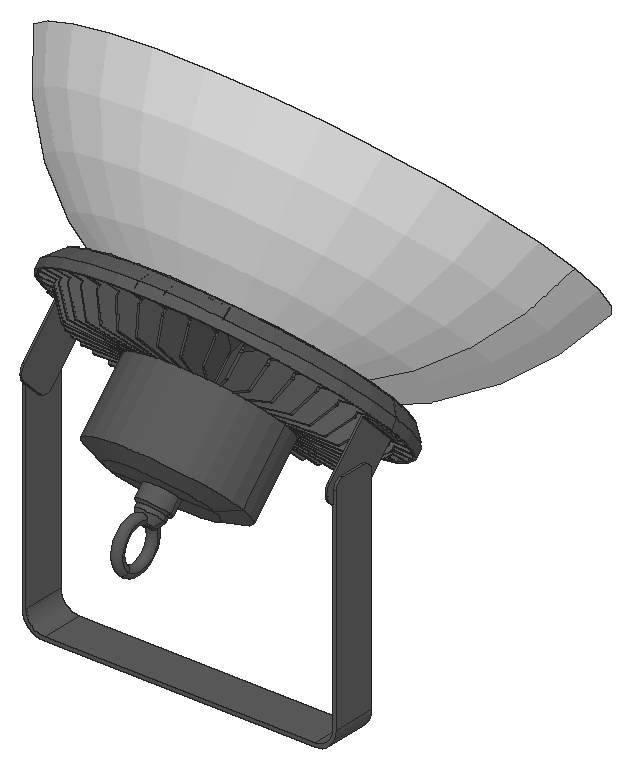
Revit family "0039347+0039353+0039356 Feilo Sylvania Lighting Fixture START HIGHBAY 4K 13KLM WIDE with BRACKET and ALU SHADE ALU COLOR", category Lighting Fixtures, host Face, Revit 2017
Family settings
  Host = Face
  Round Connector Dimension = Use Diameter
  Part Type = Normal
  OmniClass Number = 23.80.70.00
  OmniClass Title = Lighting
  Cut with Voids When Loaded = No
  Light Source = No
  Shared = No
  Room Calculation Point = No
Parameters (values of type "0039347+0039353+0039356 START HIGHBAY 4K 13KLM WIDE with BRACKET and ALU SHADE ALU COLOR")
  Weight = "3.0 kg"
  Wattage Comments = ""
  WarrantyStartDate [instance] = "n/a"
  WarrantyGuarantorParts = "n/a"
  WarrantyDurationUnit = "n/a"
  WarrantyDurationParts = "n/a"
  WarrantyDescription = "n/a"
  Voltage = 230 V
  URL = "http://www.sylvania-lighting.com"
  TypeName = "START HIGHBAY 4K 13KLM WIDE with BRACKET and ALU SHADE ALU COLOR"
  TypeHead_FEILO = Start LED Highbay Head : 0039347+0039353+0039356 START HIGHBAY 4K 13KLM WIDE with BRACKET and ALU SHADE ALU COLOR
  Type Image = <None>
  Type Comments = "n/a"
  TiltAngle_FEILO [instance] = 45.00°
  ThicknessBracketPlate_FEILO = 3 mm
  SizeBracketS_FEILO = yes
  SizeBracketM_FEILO = no
  SerialNumber [instance] = "n/a"
  RadiusBracketTop_FEILO = 7 mm
  RadiusBendOut_FEILO = if(SizeBracketS_FEILO, 18 mm, if(SizeBracketM_FEILO, 24 mm, 28 mm))  # 18 mm
  RadiusBendIn_FEILO = RadiusBendOut_FEILO - ThicknessBracketPlate_FEILO  # 15 mm
  Material_3_FEILO = none
  PowerFactor = 0.95
  PowerConsumption = "100 W"
  NominalLength = 270 mm
  NominalHeight = 170 mm
  NominalDepth = 270 mm
  Name = "START HIGHBAY 4K 13KLM WIDE with BRACKET and ALU SHADE ALU COLOR"
  ModelReference = Name  # "START HIGHBAY 4K 13KLM WIDE with BRACKET and ALU SHADE ALU COLOR"
  ModelNumber = "0039347+0039353+0039356"
  Model = Name  # "START HIGHBAY 4K 13KLM WIDE with BRACKET and ALU SHADE ALU COLOR"
  Material = "aluminium alloy housing, polycarbonate diffuser"
  ManufacturerName = "Feilo Sylvania"
  Manufacturer = "Feilo Sylvania"
  LuminousEfficacy = "130 lm/W"
  LuminaireType = ""
  LightOutputRatio = "n/a"
  LampsType = Lamp  # "LED"
  LampNominalLuminous = "13000 lm"
  LampMacAdamStep = "n/a"
  LampColourTemperature = "4000 K"
  LampColourRenderingIndex = "80"
  Lamp = "LED"
  Keynote = "16500"
  InstallationDate [instance] = "n/a"
  InputVoltage = "220-240V~"
  InputNominalFrequency = "50/60 Hz"
  IngressProtection = "IP65"
  ImpactProtectionIndex = "IK08"
  IfcExportType = "IfcLightFixtureType"
  IfcExportAs = "IfcLightFixtureType"
  ExpectedLife = 50000
  EndAngle_FEILO [instance] = TiltAngle_FEILO + 180.00°  # 225.00°
  ElectricShockClassification = "Class I"
  DurationUnit = "hours"
  DocumentationLiterature = "http://www.sylvania-lighting.com/product/en-int/products/0039347"
  DimmingControlOptions = "n/a"
  Material_2_FEILO = none
  Description = "START HIGHBAY, includes 1 m cables, black aluminium housing, 13000LM, 100W, 130lm/W, 4000K, Driver current: 2140mA, CR80, 90° beam angle, 1-10V dimmable,  IP65, IK08, 50,000 hrs (L70B50), (LxWxH) 270x270x170mm"
  Default Elevation = 1219.2 mm
  CreatedOn = "2/28/2018"
  CreatedBy = ""
  Cost = 0
  built-in parameter 1114216 [instance] = (empty or 0)
  ClassificationValue = "EF_70_80"
  ClassificationName = "Uniclass2015"
  Material_1_FEILO = Body-Sylvania-StartHighbay-Black
  BracketHeight_FEILO = if(SizeBracketS_FEILO, 199.5 mm, if(SizeBracketM_FEILO, 209.6 mm, 201.3 mm))  # 199.5 mm
  BracketDistanceInner_FEILO = if(SizeBracketS_FEILO, 249.4 mm, if(SizeBracketM_FEILO, 273.6 mm, 313.2 mm))  # 249.4 mm
  BarCode [instance] = "n/a"
  AssetType = "Fixed"
  AssetIdentifier [instance] = "n/a"
  Assembly Code = "D5020200"
  Apparent Load = 100 VA
  Material_4_FEILO = none
Reference planes
  plane 1 "Center (Front/Back)": y = 0
  plane 2: z = 0
  plane 3 "Center (Left/Right)": x = 0
  plane 4: x = -127.7
  plane 5: x = 127.7
  plane 6: z = 199.5
  plane 7: x = -124.7
  plane 8: z = 3
  plane 9: x = 124.7
  plane 10: y = 17.5
  plane 11: y = -17.5
  plane 12: y = -19.5
  plane 13: z = 201.5
  plane 14: y = 19.5
  plane 15: z = 190.5
Forms (mm)
  Extrusion 1, solid, material "Body-Sylvania-StartHighbay-Black" <- "Material_1_FEILO"
    sketch origin (0, 0, 0) x (1, 0, 0) y (0, 0, 1)
      loop
        line (-127.7, 199.5) -> (-127.7, 18)
        arc (-127.7, 18) -> (-122.428, 5.272) -> (-109.7, 0) r 18
        line (-109.7, 0) -> (109.7, 0)
        arc (109.7, 0) -> (122.428, 5.272) -> (127.7, 18) r 18
        line (127.7, 18) -> (127.7, 199.5) -> (124.7, 199.5) -> (124.7, 18)
        arc (124.7, 18) -> (120.307, 7.393) -> (109.7, 3) r 15
        line (109.7, 3) -> (-109.7, 3)
        arc (-109.7, 3) -> (-120.307, 7.393) -> (-124.7, 18) r 15
        line (-124.7, 18) -> (-124.7, 199.5) -> (-127.7, 199.5)
    from -17.5 to 17.5
  Extrusion 2, void
    sketch origin (0, 0, 0) x (0, 1, 0) y (0, 0, 1)
      loop
        arc (10.5, 199.5) -> (15.45, 197.45) -> (17.5, 192.5) r 7
        line (17.5, 192.5) -> (19.5, 192.5) -> (19.5, 201.5) -> (-19.5, 201.5) -> (-19.5, 192.5) -> (-17.5, 192.5)
        arc (-17.5, 192.5) -> (-15.45, 197.45) -> (-10.5, 199.5) r 7
        line (-10.5, 199.5) -> (10.5, 199.5)
    from -127.7 to 127.7
  Revolve 3, solid, not visible
    sketch origin (1223.4, -4572, 190.5) x (0, -1, 0) y (1, 0, 0)
      loop
        line (-4572, -1223.4) -> (-4591.5, -1223.4) -> (-4591.5, -1277.783) -> (-4572, -1277.783) -> (-4572, -1223.4)
      axis (-4572, -1223.4) -> (-4572, -1277.783)
    angle from 45 <- "TiltAngle_FEILO" to 225 <- "EndAngle_FEILO"
Cuts and joins
  Extrusion 2 cuts Extrusion 1
Dimensions and locks
  "BracketHeight_FEILO": plane 6 to plane 2
  equal spacing: plane 11, plane 1 "Center (Front/Back)", plane 10
  locked: plane 11 to plane 10 at 35
  equal spacing: plane 9, plane 3 "Center (Left/Right)", plane 7
  "BracketDistanceInner_FEILO": plane 9 to plane 7
  "ThicknessBracketPlate_FEILO": plane 7 to plane 4
  "ThicknessBracketPlate_FEILO": plane 8 to plane 2
  equal spacing: plane 5, plane 3 "Center (Left/Right)", plane 4
  equal spacing: plane 12, plane 1 "Center (Front/Back)", plane 14
  locked: plane 6 to plane 13 at 2
  locked: plane 12 to plane 11 at 2
  locked: plane 6 to plane 15 at 9
  "RadiusBendOut_FEILO": radius of Extrusion 1 sketch curve  (x2)
  "RadiusBendIn_FEILO": radius of Extrusion 1 sketch curve  (x2)
  "RadiusBracketTop_FEILO": radius of Extrusion 2 sketch curve  (x2)
  aligned and locked: plane 2 to host face
  aligned and locked: level to host face
  aligned and locked: Extrusion 1 sketch curve to plane 4
  aligned and locked: Extrusion 1 sketch curve to level
  aligned and locked: plane 6 to Extrusion 1 sketch curve
  aligned and locked: Extrusion 1 sketch curve to plane 6
  aligned and locked: Extrusion 1 sketch curve to plane 7
  aligned and locked: plane 9 to Extrusion 1 sketch curve
  aligned and locked: plane 8 to Extrusion 1 sketch curve
  aligned and locked: Extrusion 1 to plane 10
  aligned and locked: plane 11 to Extrusion 1
  aligned and locked: Extrusion 1 to Extrusion 2 sketch curve
  aligned and locked: plane 14 to Extrusion 2 sketch curve  (x2)
  aligned and locked: Extrusion 2 sketch curve to plane 12
  aligned and locked: plane 13 to Extrusion 2 sketch curve
  aligned and locked: plane 5 to Extrusion 2
  aligned and locked: Extrusion 2 to plane 4
  aligned and locked: Revolve 3 sketch curve to plane 1 "Center (Front/Back)"
  aligned and locked: Revolve 3 sketch curve to Revolve 3 sketch curve
  aligned and locked: plane 3 "Center (Left/Right)" to Revolve 3 sketch curve
  aligned and locked: Revolve 3 sketch curve to plane 14
  aligned and locked: nested 1 to plane 3 "Center (Left/Right)"
Automatic sketch dimensions
  host sketch curve to host sketch curve = 2438.4 mm  (x2)
  Revolve 3 sketch curve to Revolve 3 sketch curve = 54.383 mm
  Revolve 3 sketch curve to plane 4 = 1396.3 mm
  plane 5 to Revolve 3 sketch curve = 1396.3 mm
  Extrusion 1 sketch curve to Extrusion 1 sketch curve = 0 mm
  Extrusion 2 sketch curve to plane 11 = 0 mm
  Extrusion 2 sketch curve to plane 10 = 0 mm
Nested families
  nested 1: "Start LED Highbay Head" at (0, 0, 190.5) x (-1, 0, 0) z (0, 0.7071, 0.7071), type <- "TypeHead_FEILO", type "0039347+0039353+0039356 START HIGHBAY 4K 13KLM WIDE with BRACKET and ALU SHADE ALU COLOR"
    with built-in parameter 1114216 (empty or 0)
Connectors
  electrical at (0, 0, 0), driven by "Apparent Load", driven by "PowerFactor", driven by "Voltage"
    settings: index 1, voltage 230 V, apparent load 100 VA, apparent load phase1 0 VA, apparent load phase2 0 VA, apparent load phase3 0 VA, power factor 0.95, load classification "Lighting", number of poles 1, system type 30, power factor state 1, is connector primary yes, connector utility no, sub classification motor no, connector description ""
Definition of nested family "Start LED Highbay Head"
  Parameters (values of type "0039351+0039354+0039358 START HIGHBAY 6K 19KLM WIDE with BRACKET and PC LAMPSHADE TRANSPARENT ")
    X_FEILO = if(SizeS_FEILO, 60.3 mm, if(SizeM_FEILO, 70.4 mm, 83.5 mm))  # 70.4 mm
    WidthStraight_FEILO = if(SizeS_FEILO, 3 mm, if(SizeM_FEILO, 4 mm, 4.7 mm))  # 4 mm
    WidthRingChamfer_FEILO = if(SizeS_FEILO, 10.3 mm, if(SizeM_FEILO, 11.2 mm, 12.9 mm))  # 11.2 mm
    WidthCurved_FEILO = if(SizeS_FEILO, 17.4 mm, if(SizeM_FEILO, 16.4 mm, 26.2 mm))  # 16.4 mm
    WidthCurvedRing_FEILO = if(SizeS_FEILO, 3 mm, if(SizeM_FEILO, 4 mm, 4.7 mm))  # 4 mm
    WidthBracket_FEILO = 40 mm
    Wattage Comments = ""
    Wattage = 150 W
    built-in parameter 1150110 = 1 (stored number, unit not read)
    URL = "http://www.feilosylvania.com"
    Type Image = (empty or 0)
    Type Comments = "n/a"
    built-in parameter 1114217 = 1 (stored number, unit not read)
    Tilt Angle = -90.00°
    ThicknessWall_FEILO = 1.5 mm
    ThicknessBracket_FEILO = 1.5 mm
    ThicknessBracketHalf_FEILO = ThicknessBracket_FEILO / 2  # 0.75 mm
    built-in parameter 1150109 = 1 (stored number, unit not read)
    built-in parameter 1150134 = 1
    built-in parameter 1150113 = 1 (stored number, unit not read)
    SizeS_FEILO = no
    SizeM_FEILO = yes
    ShadeThickness_FEILO = 3 mm
    ShadeSizeSM_FEILO = or(SizeS_FEILO, SizeM_FEILO)  # yes
    ShadeRadiusOut_FEILO = 205 mm
    ShadeRadiusIn_FEILO = if(ShadeSizeSM_FEILO, 95 mm, 121 mm)  # 95 mm
    ShadeRadiusBend_FEILO = if(ShadeSizeSM_FEILO, 210 mm, 210 mm)  # 210 mm
    ShadeOn_FEILO = yes
    ShadeHeight_FEILO = if(ShadeSizeSM_FEILO, 120 mm, 151 mm)  # 120 mm
    Rib4_FEILO = if(SizeS_FEILO, 18.1 mm, if(SizeM_FEILO, 13.6 mm, 14.6 mm))  # 13.6 mm
    Rib3_FEILO = if(SizeS_FEILO, 15.3 mm, if(SizeM_FEILO, 17.6 mm, 20.2 mm))  # 17.6 mm
    Rib2_FEILO = if(SizeS_FEILO, 3.6 mm, if(SizeM_FEILO, 3.9 mm, 4.5 mm))  # 3.9 mm
    Rib1_FEILO = if(SizeS_FEILO, 15.1 mm, if(SizeM_FEILO, 16.5 mm, 19 mm))  # 16.5 mm
    RadiusDiffuser_FEILO = if(SizeS_FEILO, 95.2 mm, if(SizeM_FEILO, 105.3 mm, 120 mm))  # 105.3 mm
    RadiusArrayPost_FEILO = DriverRadius_FEILO - 6 mm  # 61.2 mm
    RHRadius3_FEILO = if(SizeS_FEILO, 6.6 mm, if(SizeM_FEILO, 7.4 mm, 8.6 mm))  # 7.4 mm
    RHRadius2_FEILO = if(SizeS_FEILO, 11 mm, if(SizeM_FEILO, 12 mm, 14 mm))  # 12 mm
    RHRadius1_FEILO = if(SizeS_FEILO, 13.6 mm, if(SizeM_FEILO, 14.9 mm, 17.7 mm))  # 14.9 mm
    RHHeight4_FEILO = if(SizeS_FEILO, 7.3 mm, if(SizeM_FEILO, 8 mm, 9.2 mm))  # 8 mm
    RHHeight3_FEILO = if(SizeS_FEILO, 3.6 mm, if(SizeM_FEILO, 3.7 mm, 4.6 mm))  # 3.7 mm
    RHHeight2_FEILO = if(SizeS_FEILO, 2 mm, if(SizeM_FEILO, 2.2 mm, 2.6 mm))  # 2.2 mm
    RHHeight1_FEILO = if(SizeS_FEILO, 11.8 mm, if(SizeM_FEILO, 15.3 mm, 17.4 mm))  # 15.3 mm
    Photometric Web File = "0039351+0039358.ies"
    Material_5_FEILO = none
    Material_3_FEILO = none
    Model = "START HIGHBAY 6K 19KLM WIDE with BRACKET and PC LAMPSHADE TRANSPARENT"
    Manufacturer = "Feilo Sylvania"
    built-in parameter 1150105 = 10854.2 (stored number, unit not read)
    Lumens = 19500 lm
    built-in parameter 1150115 = 1 (stored number, unit not read)
    built-in parameter 1150137 = (empty or 0)
    built-in parameter 1150139 = (empty or 0)
    built-in parameter 1150112 = 1 (stored number, unit not read)
    built-in parameter 1150114 = 1 (stored number, unit not read)
    Lamp = "LED"
    Keynote = "16500"
    built-in parameter 1150132 = (empty or 0)
    built-in parameter 1150102 = (empty or 0)
    built-in parameter 1150107 = 6500 (stored number, unit not read)
    built-in parameter 1150138 = (empty or 0)
    built-in parameter 1150106 = 108.54 (stored number, unit not read)
    HeightRing_FEILO = if(SizeS_FEILO, 19.8 mm, if(SizeM_FEILO, 32 mm, 36.8 mm))  # 32 mm
    HeightRingChamfer_FEILO = if(SizeS_FEILO, 11.7 mm, if(SizeM_FEILO, 23.2 mm, 26.6 mm))  # 23.2 mm
    EyeThickness_FEILO = if(SizeS_FEILO, 8.4 mm, if(SizeM_FEILO, 9.2 mm, 10.5 mm))  # 9.2 mm
    EyeThicknessHalf_FEILO = EyeThickness_FEILO / 2  # 4.6 mm
    EyeInner_FEILO = if(SizeS_FEILO, 13.8 mm, if(SizeM_FEILO, 15.1 mm, 17.3 mm))  # 15.1 mm
    Emit from Circle Diameter = RadiusDiffuser_FEILO * 2  # 210.6 mm
    Emit Shape Visible in Rendering = no
    built-in parameter 1150104 = 12.077 (stored number, unit not read)
    DriverVerticalStraight_FEILO = if(SizeS_FEILO, 46.5 mm, if(SizeM_FEILO, 49.7 mm, 57 mm))  # 49.7 mm
    DriverVerticalChamfer_FEILO = if(SizeS_FEILO, 7.5 mm, if(SizeM_FEILO, 8.2 mm, 9.5 mm))  # 8.2 mm
    DriverRadius_FEILO = if(SizeS_FEILO, 61.4 mm, if(SizeM_FEILO, 67.2 mm, 76.4 mm))  # 67.2 mm
    DriverRadiusTop_FEILO = if(SizeS_FEILO, 42 mm, if(SizeM_FEILO, 45.3 mm, 52.4 mm))  # 45.3 mm
    DriverBottom_FEILO = if(SizeS_FEILO, 56 mm, if(SizeM_FEILO, 64.5 mm, 74 mm))  # 64.5 mm
    Material_2_FEILO = none
    Radius_FEILO = if(SizeS_FEILO, 135 mm, if(SizeM_FEILO, 148 mm, 169.5 mm))  # 148 mm
    Dimming Lamp Color Temperature Shift = (empty or 0)
    DiameterWire_FEILO = 3 mm
    DiameterWireSupport_FEILO = 10 mm
    Description = "START HIGHBAY, includes 1 m cables, black aluminium housing, 19500LM, 150W, 130lm/W, 6500K, Driver current: 2140mA, CR80, 60° beam angle, 1-10V dimmable,  IP65, IK08, 50,000 hrs (L70B50), (LxWxH) 296x296x177mm"
    Default Elevation = 1219.2 mm
    Cost = 0
    Color Filter = 16777215
    built-in parameter 1114216 [instance] = (empty or 0)
    Material_1_FEILO = none
    built-in parameter 1114218 = 1 (stored number, unit not read)
    built-in parameter 1150133 = 10 (stored number, unit not read)
    Assembly Code = "D5020200"
    Apparent Load = 150 VA
    Material_4_FEILO = none
  Types (36, lengths in mm): name | X_FEILO | WidthStraight_FEILO | WidthRingChamfer_FEILO | WidthCurved_FEILO | WidthCurvedRing_FEILO | Wattage | built-in parameter 1150134 | SizeS_FEILO | SizeM_FEILO | ShadeSizeSM_FEILO | ShadeRadiusIn_FEILO | ShadeOn_FEILO | ShadeHeight_FEILO | Rib4_FEILO | Rib3_FEILO | Rib2_FEILO | Rib1_FEILO | RadiusDiffuser_FEILO | RadiusArrayPost_FEILO | RHRadius3_FEILO | RHRadius2_FEILO | RHRadius1_FEILO | RHHeight4_FEILO | RHHeight3_FEILO | RHHeight2_FEILO | RHHeight1_FEILO | Photometric Web File | Model | built-in parameter 1150105 | Lumens | built-in parameter 1150107 | built-in parameter 1150106 | HeightRing_FEILO | HeightRingChamfer_FEILO | EyeThickness_FEILO | EyeThicknessHalf_FEILO | EyeInner_FEILO | Emit from Circle Diameter | DriverVerticalStraight_FEILO | DriverVerticalChamfer_FEILO | DriverRadius_FEILO | DriverRadiusTop_FEILO | DriverBottom_FEILO | Radius_FEILO | Description | Apparent Load
    0039352+0039355+0039361 START HIGHBAY 6K 26KLM WIDE with BRACKET and PC LAMPSHADE TRANSPARENT | 83.5 | 4.7 | 12.9 | 26.2 | 4.7 | 200 W | 1 | no | no | no | 121 | yes | 151 | 14.6 | 20.2 | 4.5 | 19 | 120 | 70.4 | 8.6 | 14 | 17.7 | 9.2 | 4.6 | 2.6 | 17.4 | "0039352+0039361.ies" | "START HIGHBAY 6K 26KLM WIDE with BRACKET and PC LAMPSHADE TRANSPARENT" | 17911 (stored number, unit not read) | 26000 lm | 6500 (stored number, unit not read) | 179.11 (stored number, unit not read) | 36.8 | 26.6 | 10.5 | 5.25 | 17.3 | 240 | 57 | 9.5 | 76.4 | 52.4 | 74 | 169.5 | "START HIGHBAY, includes 1 m cables, black aluminium housing, 26000LM, 200W, 130lm/W, 6500K, Driver current: 5000mA, CR80, 60° beam angle, 1-10V dimmable,  IP65, IK08, 50,000 hrs (L70B50), (LxWxH) 339x339x194mm" | 200 VA
    0039352+0039355+0039360 START HIGHBAY 6K 26KLM WIDE with BRACKET and ALU SHADE BLACK COLOR | 83.5 | 4.7 | 12.9 | 26.2 | 4.7 | 200 W | 1 | no | no | no | 121 | yes | 151 | 14.6 | 20.2 | 4.5 | 19 | 120 | 70.4 | 8.6 | 14 | 17.7 | 9.2 | 4.6 | 2.6 | 17.4 | "0039352+0039360.ies" | "START HIGHBAY 6K 26KLM WIDE with BRACKET and ALU SHADE BLACK COLOR" | 14870 (stored number, unit not read) | 26000 lm | 6500 (stored number, unit not read) | 148.7 (stored number, unit not read) | 36.8 | 26.6 | 10.5 | 5.25 | 17.3 | 240 | 57 | 9.5 | 76.4 | 52.4 | 74 | 169.5 | "START HIGHBAY, includes 1 m cables, black aluminium housing, 26000LM, 200W, 130lm/W, 6500K, Driver current: 5000mA, CR80, 60° beam angle, 1-10V dimmable,  IP65, IK08, 50,000 hrs (L70B50), (LxWxH) 339x339x194mm" | 200 VA
    0039352+0039355+0039359 START HIGHBAY 6K 26KLM WIDE with BRACKET and ALU SHADE ALU COLOR | 83.5 | 4.7 | 12.9 | 26.2 | 4.7 | 200 W | 1 | no | no | no | 121 | yes | 151 | 14.6 | 20.2 | 4.5 | 19 | 120 | 70.4 | 8.6 | 14 | 17.7 | 9.2 | 4.6 | 2.6 | 17.4 | "0039352+0039359.ies" | "START HIGHBAY 6K 26KLM WIDE with BRACKET and ALU SHADE ALU COLOR" | 14870 (stored number, unit not read) | 26000 lm | 6500 (stored number, unit not read) | 148.7 (stored number, unit not read) | 36.8 | 26.6 | 10.5 | 5.25 | 17.3 | 240 | 57 | 9.5 | 76.4 | 52.4 | 74 | 169.5 | "START HIGHBAY, includes 1 m cables, black aluminium housing, 26000LM, 200W, 130lm/W, 6500K, Driver current: 5000mA, CR80, 60° beam angle, 1-10V dimmable,  IP65, IK08, 50,000 hrs (L70B50), (LxWxH) 339x339x194mm" | 200 VA
    0039352+0039355 START HIGHBAY 6K 26KLM WIDE with BRACKET | 83.5 | 4.7 | 12.9 | 26.2 | 4.7 | 200 W | 1 | no | no | no | 121 | no | 151 | 14.6 | 20.2 | 4.5 | 19 | 120 | 70.4 | 8.6 | 14 | 17.7 | 9.2 | 4.6 | 2.6 | 17.4 | "0039352.ies" | "START HIGHBAY 6K 26KLM WIDE with BRACKET" | 13836.2 (stored number, unit not read) | 26000 lm | 6500 (stored number, unit not read) | 138.36 (stored number, unit not read) | 36.8 | 26.6 | 10.5 | 5.25 | 17.3 | 240 | 57 | 9.5 | 76.4 | 52.4 | 74 | 169.5 | "START HIGHBAY, includes 1 m cables, black aluminium housing, 26000LM, 200W, 130lm/W, 6500K, Driver current: 5000mA, CR80, 60° beam angle, 1-10V dimmable,  IP65, IK08, 50,000 hrs (L70B50), (LxWxH) 339x339x194mm" | 200 VA
    0039351+0039354+0039358 START HIGHBAY 6K 19KLM WIDE with BRACKET and PC LAMPSHADE TRANSPARENT | 70.4 | 4 | 11.2 | 16.4 | 4 | 150 W | 1 | no | yes | yes | 95 | yes | 120 | 13.6 | 17.6 | 3.9 | 16.5 | 105.3 | 61.2 | 7.4 | 12 | 14.9 | 8 | 3.7 | 2.2 | 15.3 | "0039351+0039358.ies" | "START HIGHBAY 6K 19KLM WIDE with BRACKET and PC LAMPSHADE TRANSPARENT" | 10854.2 (stored number, unit not read) | 19500 lm | 6500 (stored number, unit not read) | 108.54 (stored number, unit not read) | 32 | 23.2 | 9.2 | 4.6 | 15.1 | 210.6 | 49.7 | 8.2 | 67.2 | 45.3 | 64.5 | 148 | "START HIGHBAY, includes 1 m cables, black aluminium housing, 19500LM, 150W, 130lm/W, 6500K, Driver current: 2140mA, CR80, 60° beam angle, 1-10V dimmable,  IP65, IK08, 50,000 hrs (L70B50), (LxWxH) 296x296x177mm" | 150 VA
    0039351+0039354+0039357 START HIGHBAY 6K 19KLM WIDE with BRACKET and ALU SHADE BLACK COLOR | 70.4 | 4 | 11.2 | 16.4 | 4 | 150 W | 1 | no | yes | yes | 95 | yes | 120 | 13.6 | 17.6 | 3.9 | 16.5 | 105.3 | 61.2 | 7.4 | 12 | 14.9 | 8 | 3.7 | 2.2 | 15.3 | "0039351+0039357.ies" | "START HIGHBAY 6K 19KLM WIDE with BRACKET and ALU SHADE BLACK COLOR" | 11152.5 (stored number, unit not read) | 19500 lm | 6500 (stored number, unit not read) | 111.52 (stored number, unit not read) | 32 | 23.2 | 9.2 | 4.6 | 15.1 | 210.6 | 49.7 | 8.2 | 67.2 | 45.3 | 64.5 | 148 | "START HIGHBAY, includes 1 m cables, black aluminium housing, 19500LM, 150W, 130lm/W, 6500K, Driver current: 2140mA, CR80, 60° beam angle, 1-10V dimmable,  IP65, IK08, 50,000 hrs (L70B50), (LxWxH) 296x296x177mm" | 150 VA
    0039351+0039354+0039356 START HIGHBAY 6K 19KLM WIDE with BRACKET and ALU SHADE ALU COLOR | 70.4 | 4 | 11.2 | 16.4 | 4 | 150 W | 1 | no | yes | yes | 95 | yes | 120 | 13.6 | 17.6 | 3.9 | 16.5 | 105.3 | 61.2 | 7.4 | 12 | 14.9 | 8 | 3.7 | 2.2 | 15.3 | "0039351+0039356.ies" | "START HIGHBAY 6K 19KLM WIDE with BRACKET and ALU SHADE ALU COLOR" | 11152.5 (stored number, unit not read) | 19500 lm | 6500 (stored number, unit not read) | 111.52 (stored number, unit not read) | 32 | 23.2 | 9.2 | 4.6 | 15.1 | 210.6 | 49.7 | 8.2 | 67.2 | 45.3 | 64.5 | 148 | "START HIGHBAY, includes 1 m cables, black aluminium housing, 19500LM, 150W, 130lm/W, 6500K, Driver current: 2140mA, CR80, 60° beam angle, 1-10V dimmable,  IP65, IK08, 50,000 hrs (L70B50), (LxWxH) 296x296x177mm" | 150 VA
    0039351+0039354 START HIGHBAY 6K 19KLM WIDE with BRACKET | 70.4 | 4 | 11.2 | 16.4 | 4 | 150 W | 1 | no | yes | yes | 95 | no | 120 | 13.6 | 17.6 | 3.9 | 16.5 | 105.3 | 61.2 | 7.4 | 12 | 14.9 | 8 | 3.7 | 2.2 | 15.3 | "0039351.ies" | "START HIGHBAY 6K 19KLM WIDE with BRACKET" | 10377.1 (stored number, unit not read) | 19500 lm | 6500 (stored number, unit not read) | 103.77 (stored number, unit not read) | 32 | 23.2 | 9.2 | 4.6 | 15.1 | 210.6 | 49.7 | 8.2 | 67.2 | 45.3 | 64.5 | 148 | "START HIGHBAY, includes 1 m cables, black aluminium housing, 19500LM, 150W, 130lm/W, 6500K, Driver current: 2140mA, CR80, 60° beam angle, 1-10V dimmable,  IP65, IK08, 50,000 hrs (L70B50), (LxWxH) 296x296x177mm" | 150 VA
    0039350+0039353+0039358 START HIGHBAY 6K 13KLM WIDE with BRACKET and PC LAMPSHADE TRANSPARENT | 60.3 | 3 | 10.3 | 17.4 | 3 | 100 W | 1 | yes | no | yes | 95 | yes | 120 | 18.1 | 15.3 | 3.6 | 15.1 | 95.2 | 55.4 | 6.6 | 11 | 13.6 | 7.3 | 3.6 | 2 | 11.8 | "0039350+0039358.ies" | "START HIGHBAY 6K 13KLM WIDE with BRACKET and PC LAMPSHADE TRANSPARENT" | 7236.1 (stored number, unit not read) | 13000 lm | 6500 (stored number, unit not read) | 72.361 (stored number, unit not read) | 19.8 | 11.7 | 8.4 | 4.2 | 13.8 | 190.4 | 46.5 | 7.5 | 61.4 | 42 | 56 | 135 | "START HIGHBAY, includes 1 m cables, black aluminium housing, 13000LM, 100W, 130lm/W, 6500K, Driver current: 2140mA, CR80, 60° beam angle, 1-10V dimmable,  IP65, IK08, 50,000 hrs (L70B50), (LxWxH) 270x270x170mm" | 100 VA
    0039350+0039353+0039357 START HIGHBAY 6K 13KLM WIDE with BRACKET and ALU SHADE BLACK COLOR | 60.3 | 3 | 10.3 | 17.4 | 3 | 100 W | 1 | yes | no | yes | 95 | yes | 120 | 18.1 | 15.3 | 3.6 | 15.1 | 95.2 | 55.4 | 6.6 | 11 | 13.6 | 7.3 | 3.6 | 2 | 11.8 | "0039350+0039357.ies" | "START HIGHBAY 6K 13KLM WIDE with BRACKET and ALU SHADE BLACK COLOR" | 7435 (stored number, unit not read) | 13000 lm | 6500 (stored number, unit not read) | 74.35 (stored number, unit not read) | 19.8 | 11.7 | 8.4 | 4.2 | 13.8 | 190.4 | 46.5 | 7.5 | 61.4 | 42 | 56 | 135 | "START HIGHBAY, includes 1 m cables, black aluminium housing, 13000LM, 100W, 130lm/W, 6500K, Driver current: 2140mA, CR80, 60° beam angle, 1-10V dimmable,  IP65, IK08, 50,000 hrs (L70B50), (LxWxH) 270x270x170mm" | 100 VA
    0039350+0039353+0039356 START HIGHBAY 6K 13KLM WIDE with BRACKET and ALU SHADE ALU COLOR | 60.3 | 3 | 10.3 | 17.4 | 3 | 100 W | 1 | yes | no | yes | 95 | yes | 120 | 18.1 | 15.3 | 3.6 | 15.1 | 95.2 | 55.4 | 6.6 | 11 | 13.6 | 7.3 | 3.6 | 2 | 11.8 | "0039350+0039356.ies" | "START HIGHBAY 6K 13KLM WIDE with BRACKET and ALU SHADE ALU COLOR" | 7435 (stored number, unit not read) | 13000 lm | 6500 (stored number, unit not read) | 74.35 (stored number, unit not read) | 19.8 | 11.7 | 8.4 | 4.2 | 13.8 | 190.4 | 46.5 | 7.5 | 61.4 | 42 | 56 | 135 | "START HIGHBAY, includes 1 m cables, black aluminium housing, 13000LM, 100W, 130lm/W, 6500K, Driver current: 2140mA, CR80, 60° beam angle, 1-10V dimmable,  IP65, IK08, 50,000 hrs (L70B50), (LxWxH) 270x270x170mm" | 100 VA
    0039350+0039353 START HIGHBAY 6K 13KLM WIDE with BRACKET | 60.3 | 3 | 10.3 | 17.4 | 3 | 100 W | 1 | yes | no | yes | 95 | no | 120 | 18.1 | 15.3 | 3.6 | 15.1 | 95.2 | 55.4 | 6.6 | 11 | 13.6 | 7.3 | 3.6 | 2 | 11.8 | "0039350.ies" | "START HIGHBAY 6K 13KLM WIDE with BRACKET" | 6918.1 (stored number, unit not read) | 13000 lm | 6500 (stored number, unit not read) | 69.181 (stored number, unit not read) | 19.8 | 11.7 | 8.4 | 4.2 | 13.8 | 190.4 | 46.5 | 7.5 | 61.4 | 42 | 56 | 135 | "START HIGHBAY, includes 1 m cables, black aluminium housing, 13000LM, 100W, 130lm/W, 6500K, Driver current: 2140mA, CR80, 60° beam angle, 1-10V dimmable,  IP65, IK08, 50,000 hrs (L70B50), (LxWxH) 270x270x170mm" | 100 VA
    0039349+0039355+0039361 START HIGHBAY 4K 26KLM WIDE with BRACKET and PC LAMPSHADE TRANSPARENT FOR | 83.5 | 4.7 | 12.9 | 26.2 | 4.7 | 200 W | 12 | no | no | no | 121 | yes | 151 | 14.6 | 20.2 | 4.5 | 19 | 120 | 70.4 | 8.6 | 14 | 17.7 | 9.2 | 4.6 | 2.6 | 17.4 | "0039349+0039361.ies" | "START HIGHBAY 4K 26KLM WIDE with BRACKET and PC LAMPSHADE TRANSPARENT FOR" | 17911 (stored number, unit not read) | 26000 lm | 4000 (stored number, unit not read) | 179.11 (stored number, unit not read) | 36.8 | 26.6 | 10.5 | 5.25 | 17.3 | 240 | 57 | 9.5 | 76.4 | 52.4 | 74 | 169.5 | "START HIGHBAY, includes 1 m cables, black aluminium housing, 26000LM, 200W, 130lm/W, 4000K, Driver current: 5000mA, CR80, 90° beam angle, 1-10V dimmable,  IP65, IK08, 50,000 hrs (L70B50), (LxWxH) 339x339x194mm" | 200 VA
    0039349+0039355+0039360 START HIGHBAY 4K 26KLM WIDE with BRACKET and ALU SHADE BLACK COLOR | 83.5 | 4.7 | 12.9 | 26.2 | 4.7 | 200 W | 12 | no | no | no | 121 | yes | 151 | 14.6 | 20.2 | 4.5 | 19 | 120 | 70.4 | 8.6 | 14 | 17.7 | 9.2 | 4.6 | 2.6 | 17.4 | "0039349+0039360.ies" | "START HIGHBAY 4K 26KLM WIDE with BRACKET and ALU SHADE BLACK COLOR" | 14870 (stored number, unit not read) | 26000 lm | 4000 (stored number, unit not read) | 148.7 (stored number, unit not read) | 36.8 | 26.6 | 10.5 | 5.25 | 17.3 | 240 | 57 | 9.5 | 76.4 | 52.4 | 74 | 169.5 | "START HIGHBAY, includes 1 m cables, black aluminium housing, 26000LM, 200W, 130lm/W, 4000K, Driver current: 5000mA, CR80, 90° beam angle, 1-10V dimmable,  IP65, IK08, 50,000 hrs (L70B50), (LxWxH) 339x339x194mm" | 200 VA
    0039349+0039355+0039359 START HIGHBAY 4K 26KLM WIDE with BRACKET and ALU SHADE ALU COLOR | 83.5 | 4.7 | 12.9 | 26.2 | 4.7 | 200 W | 12 | no | no | no | 121 | yes | 151 | 14.6 | 20.2 | 4.5 | 19 | 120 | 70.4 | 8.6 | 14 | 17.7 | 9.2 | 4.6 | 2.6 | 17.4 | "0039349+0039359.ies" | "START HIGHBAY 4K 26KLM WIDE with BRACKET and ALU SHADE ALU COLOR" | 14870 (stored number, unit not read) | 26000 lm | 4000 (stored number, unit not read) | 148.7 (stored number, unit not read) | 36.8 | 26.6 | 10.5 | 5.25 | 17.3 | 240 | 57 | 9.5 | 76.4 | 52.4 | 74 | 169.5 | "START HIGHBAY, includes 1 m cables, black aluminium housing, 26000LM, 200W, 130lm/W, 4000K, Driver current: 5000mA, CR80, 90° beam angle, 1-10V dimmable,  IP65, IK08, 50,000 hrs (L70B50), (LxWxH) 339x339x194mm" | 200 VA
    0039349+0039355 START HIGHBAY 4K 26KLM WIDE with BRACKET | 83.5 | 4.7 | 12.9 | 26.2 | 4.7 | 200 W | 12 | no | no | no | 121 | no | 151 | 14.6 | 20.2 | 4.5 | 19 | 120 | 70.4 | 8.6 | 14 | 17.7 | 9.2 | 4.6 | 2.6 | 17.4 | "0039349.ies" | "START HIGHBAY 4K 26KLM WIDE with BRACKET" | 13836.2 (stored number, unit not read) | 26000 lm | 4000 (stored number, unit not read) | 138.36 (stored number, unit not read) | 36.8 | 26.6 | 10.5 | 5.25 | 17.3 | 240 | 57 | 9.5 | 76.4 | 52.4 | 74 | 169.5 | "START HIGHBAY, includes 1 m cables, black aluminium housing, 26000LM, 200W, 130lm/W, 4000K, Driver current: 5000mA, CR80, 90° beam angle, 1-10V dimmable,  IP65, IK08, 50,000 hrs (L70B50), (LxWxH) 339x339x194mm" | 200 VA
    0039348+0039354+0039358 START HIGHBAY 4K 19KLM WIDE with BRACKET and PC LAMPSHADE TRANSPARENT | 70.4 | 4 | 11.2 | 16.4 | 4 | 150 W | 12 | no | yes | yes | 95 | yes | 120 | 13.6 | 17.6 | 3.9 | 16.5 | 105.3 | 61.2 | 7.4 | 12 | 14.9 | 8 | 3.7 | 2.2 | 15.3 | "0039348+0039358.ies" | "START HIGHBAY 4K 19KLM WIDE with BRACKET and PC LAMPSHADE TRANSPARENT" | 10854.2 (stored number, unit not read) | 19500 lm | 4000 (stored number, unit not read) | 108.54 (stored number, unit not read) | 32 | 23.2 | 9.2 | 4.6 | 15.1 | 210.6 | 49.7 | 8.2 | 67.2 | 45.3 | 64.5 | 148 | "START HIGHBAY, includes 1 m cables, black aluminium housing, 19500LM, 150W, 130lm/W, 4000K, Driver current: 3210mA, CR80, 90° beam angle, 1-10V dimmable,  IP65, IK08, 50,000 hrs (L70B50), (LxWxH) 296x296x177mm" | 150 VA
    0039348+0039354+0039357 START HIGHBAY 4K 19KLM WIDE with BRACKET and ALU SHADE BLACK COLOR | 70.4 | 4 | 11.2 | 16.4 | 4 | 150 W | 12 | no | yes | yes | 95 | yes | 120 | 13.6 | 17.6 | 3.9 | 16.5 | 105.3 | 61.2 | 7.4 | 12 | 14.9 | 8 | 3.7 | 2.2 | 15.3 | "0039348+0039357.ies" | "START HIGHBAY 4K 19KLM WIDE with BRACKET and ALU SHADE BLACK COLOR" | 11152.5 (stored number, unit not read) | 19500 lm | 4000 (stored number, unit not read) | 111.52 (stored number, unit not read) | 32 | 23.2 | 9.2 | 4.6 | 15.1 | 210.6 | 49.7 | 8.2 | 67.2 | 45.3 | 64.5 | 148 | "START HIGHBAY, includes 1 m cables, black aluminium housing, 19500LM, 150W, 130lm/W, 4000K, Driver current: 3210mA, CR80, 90° beam angle, 1-10V dimmable,  IP65, IK08, 50,000 hrs (L70B50), (LxWxH) 296x296x177mm" | 150 VA
    0039348+0039354+0039356 START HIGHBAY 4K 19KLM WIDE with BRACKET and ALU SHADE ALU COLOR | 70.4 | 4 | 11.2 | 16.4 | 4 | 150 W | 12 | no | yes | yes | 95 | yes | 120 | 13.6 | 17.6 | 3.9 | 16.5 | 105.3 | 61.2 | 7.4 | 12 | 14.9 | 8 | 3.7 | 2.2 | 15.3 | "0039348+0039356.ies" | "START HIGHBAY 4K 19KLM WIDE with BRACKET and ALU SHADE ALU COLOR" | 11152.5 (stored number, unit not read) | 19500 lm | 4000 (stored number, unit not read) | 111.52 (stored number, unit not read) | 32 | 23.2 | 9.2 | 4.6 | 15.1 | 210.6 | 49.7 | 8.2 | 67.2 | 45.3 | 64.5 | 148 | "START HIGHBAY, includes 1 m cables, black aluminium housing, 19500LM, 150W, 130lm/W, 4000K, Driver current: 3210mA, CR80, 90° beam angle, 1-10V dimmable,  IP65, IK08, 50,000 hrs (L70B50), (LxWxH) 296x296x177mm" | 150 VA
    0039348+0039354 START HIGHBAY 4K 19KLM WIDE with BRACKET | 70.4 | 4 | 11.2 | 16.4 | 4 | 150 W | 12 | no | yes | yes | 95 | no | 120 | 13.6 | 17.6 | 3.9 | 16.5 | 105.3 | 61.2 | 7.4 | 12 | 14.9 | 8 | 3.7 | 2.2 | 15.3 | "0039348.ies" | "START HIGHBAY 4K 19KLM WIDE with BRACKET" | 10377.1 (stored number, unit not read) | 19500 lm | 4000 (stored number, unit not read) | 103.77 (stored number, unit not read) | 32 | 23.2 | 9.2 | 4.6 | 15.1 | 210.6 | 49.7 | 8.2 | 67.2 | 45.3 | 64.5 | 148 | "START HIGHBAY, includes 1 m cables, black aluminium housing, 19500LM, 150W, 130lm/W, 4000K, Driver current: 3210mA, CR80, 90° beam angle, 1-10V dimmable,  IP65, IK08, 50,000 hrs (L70B50), (LxWxH) 296x296x177mm" | 150 VA
    0039347+0039353+0039358 START HIGHBAY 4K 13KLM WIDE with BRACKET and PC LAMPSHADE TRANSPARENT | 60.3 | 3 | 10.3 | 17.4 | 3 | 100 W | 12 | yes | no | yes | 95 | yes | 120 | 18.1 | 15.3 | 3.6 | 15.1 | 95.2 | 55.4 | 6.6 | 11 | 13.6 | 7.3 | 3.6 | 2 | 11.8 | "0039347+0039358.ies" | "START HIGHBAY 4K 13KLM WIDE with BRACKET and PC LAMPSHADE TRANSPARENT" | 7236.1 (stored number, unit not read) | 13000 lm | 4000 (stored number, unit not read) | 72.361 (stored number, unit not read) | 19.8 | 11.7 | 8.4 | 4.2 | 13.8 | 190.4 | 46.5 | 7.5 | 61.4 | 42 | 56 | 135 | "START HIGHBAY, includes 1 m cables, black aluminium housing, 13000LM, 100W, 130lm/W, 4000K, Driver current: 2140mA, CR80, 90° beam angle, 1-10V dimmable,  IP65, IK08, 50,000 hrs (L70B50), (LxWxH) 270x270x170mm" | 100 VA
    0039347+0039353+0039357 START HIGHBAY 4K 13KLM WIDE with BRACKET and ALU SHADE BLACK COLOR | 60.3 | 3 | 10.3 | 17.4 | 3 | 100 W | 12 | yes | no | yes | 95 | yes | 120 | 18.1 | 15.3 | 3.6 | 15.1 | 95.2 | 55.4 | 6.6 | 11 | 13.6 | 7.3 | 3.6 | 2 | 11.8 | "0039347+0039357.ies" | "START HIGHBAY 4K 13KLM WIDE with BRACKET and ALU SHADE BLACK COLOR" | 7435 (stored number, unit not read) | 13000 lm | 4000 (stored number, unit not read) | 74.35 (stored number, unit not read) | 19.8 | 11.7 | 8.4 | 4.2 | 13.8 | 190.4 | 46.5 | 7.5 | 61.4 | 42 | 56 | 135 | "START HIGHBAY, includes 1 m cables, black aluminium housing, 13000LM, 100W, 130lm/W, 4000K, Driver current: 2140mA, CR80, 90° beam angle, 1-10V dimmable,  IP65, IK08, 50,000 hrs (L70B50), (LxWxH) 270x270x170mm" | 100 VA
    0039347+0039353+0039356 START HIGHBAY 4K 13KLM WIDE with BRACKET and ALU SHADE ALU COLOR | 60.3 | 3 | 10.3 | 17.4 | 3 | 100 W | 12 | yes | no | yes | 95 | yes | 120 | 18.1 | 15.3 | 3.6 | 15.1 | 95.2 | 55.4 | 6.6 | 11 | 13.6 | 7.3 | 3.6 | 2 | 11.8 | "0039347+0039356.ies" | "START HIGHBAY 4K 13KLM WIDE with BRACKET and ALU SHADE ALU COLOR" | 7435 (stored number, unit not read) | 13000 lm | 4000 (stored number, unit not read) | 74.35 (stored number, unit not read) | 19.8 | 11.7 | 8.4 | 4.2 | 13.8 | 190.4 | 46.5 | 7.5 | 61.4 | 42 | 56 | 135 | "START HIGHBAY, includes 1 m cables, black aluminium housing, 13000LM, 100W, 130lm/W, 4000K, Driver current: 2140mA, CR80, 90° beam angle, 1-10V dimmable,  IP65, IK08, 50,000 hrs (L70B50), (LxWxH) 270x270x170mm" | 100 VA
    0039347+0039353 START HIGHBAY 4K 13KLM WIDE with BRACKET | 60.3 | 3 | 10.3 | 17.4 | 3 | 100 W | 12 | yes | no | yes | 95 | no | 120 | 18.1 | 15.3 | 3.6 | 15.1 | 95.2 | 55.4 | 6.6 | 11 | 13.6 | 7.3 | 3.6 | 2 | 11.8 | "0039347.ies" | "START HIGHBAY 4K 13KLM WIDE with BRACKET" | 6918.1 (stored number, unit not read) | 13000 lm | 4000 (stored number, unit not read) | 69.181 (stored number, unit not read) | 19.8 | 11.7 | 8.4 | 4.2 | 13.8 | 190.4 | 46.5 | 7.5 | 61.4 | 42 | 56 | 135 | "START HIGHBAY, includes 1 m cables, black aluminium housing, 13000LM, 100W, 130lm/W, 4000K, Driver current: 2140mA, CR80, 90° beam angle, 1-10V dimmable,  IP65, IK08, 50,000 hrs (L70B50), (LxWxH) 270x270x170mm" | 100 VA
    0039346+0039355+0039361 START HIGHBAY 4K 26KLM MEDIUM with BRACKET and PC LAMPSHADE TRANSPARENT | 83.5 | 4.7 | 12.9 | 26.2 | 4.7 | 200 W | 12 | no | no | no | 121 | yes | 151 | 14.6 | 20.2 | 4.5 | 19 | 120 | 70.4 | 8.6 | 14 | 17.7 | 9.2 | 4.6 | 2.6 | 17.4 | "0039346+0039361.ies" | "START HIGHBAY 4K 26KLM MEDIUM with BRACKET and PC LAMPSHADE TRANSPARENT" | 35142.4 (stored number, unit not read) | 26000 lm | 4000 (stored number, unit not read) | 351.42 (stored number, unit not read) | 36.8 | 26.6 | 10.5 | 5.25 | 17.3 | 240 | 57 | 9.5 | 76.4 | 52.4 | 74 | 169.5 | "START HIGHBAY, includes 1 m cables, black aluminium housing, 26000LM, 200W, 130lm/W, 4000K, Driver current: 5000mA, CR80, 60° beam angle, 1-10V dimmable,  IP65, IK08, 50,000 hrs (L70B50), (LxWxH) 339x339x194mm" | 200 VA
    0039346+0039355+0039360 START HIGHBAY 4K 26KLM MEDIUM with BRACKET and ALU SHADE BLACK COLOR | 83.5 | 4.7 | 12.9 | 26.2 | 4.7 | 200 W | 12 | no | no | no | 121 | yes | 151 | 14.6 | 20.2 | 4.5 | 19 | 120 | 70.4 | 8.6 | 14 | 17.7 | 9.2 | 4.6 | 2.6 | 17.4 | "0039346+0039360.ies" | "START HIGHBAY 4K 26KLM MEDIUM with BRACKET and ALU SHADE BLACK COLOR" | 35336 (stored number, unit not read) | 26000 lm | 4000 (stored number, unit not read) | 353.36 (stored number, unit not read) | 36.8 | 26.6 | 10.5 | 5.25 | 17.3 | 240 | 57 | 9.5 | 76.4 | 52.4 | 74 | 169.5 | "START HIGHBAY, includes 1 m cables, black aluminium housing, 26000LM, 200W, 130lm/W, 4000K, Driver current: 5000mA, CR80, 60° beam angle, 1-10V dimmable,  IP65, IK08, 50,000 hrs (L70B50), (LxWxH) 339x339x194mm" | 200 VA
    0039346+0039355+0039359 START HIGHBAY 4K 26KLM MEDIUM with BRACKET and ALU SHADE ALU COLOR | 83.5 | 4.7 | 12.9 | 26.2 | 4.7 | 200 W | 12 | no | no | no | 121 | yes | 151 | 14.6 | 20.2 | 4.5 | 19 | 120 | 70.4 | 8.6 | 14 | 17.7 | 9.2 | 4.6 | 2.6 | 17.4 | "0039346+0039359.ies" | "START HIGHBAY 4K 26KLM MEDIUM with BRACKET and ALU SHADE ALU COLOR" | 35336 (stored number, unit not read) | 26000 lm | 4000 (stored number, unit not read) | 353.36 (stored number, unit not read) | 36.8 | 26.6 | 10.5 | 5.25 | 17.3 | 240 | 57 | 9.5 | 76.4 | 52.4 | 74 | 169.5 | "START HIGHBAY, includes 1 m cables, black aluminium housing, 26000LM, 200W, 130lm/W, 4000K, Driver current: 5000mA, CR80, 60° beam angle, 1-10V dimmable,  IP65, IK08, 50,000 hrs (L70B50), (LxWxH) 339x339x194mm" | 200 VA
    0039346+0039355 START HIGHBAY 4K 26KLM MEDIUM with BRACKET | 83.5 | 4.7 | 12.9 | 26.2 | 4.7 | 200 W | 12 | no | no | no | 121 | no | 151 | 14.6 | 20.2 | 4.5 | 19 | 120 | 70.4 | 8.6 | 14 | 17.7 | 9.2 | 4.6 | 2.6 | 17.4 | "0039346.ies" | "START HIGHBAY 4K 26KLM MEDIUM with BRACKET" | 32161 (stored number, unit not read) | 26000 lm | 4000 (stored number, unit not read) | 321.61 (stored number, unit not read) | 36.8 | 26.6 | 10.5 | 5.25 | 17.3 | 240 | 57 | 9.5 | 76.4 | 52.4 | 74 | 169.5 | "START HIGHBAY, includes 1 m cables, black aluminium housing, 26000LM, 200W, 130lm/W, 4000K, Driver current: 5000mA, CR80, 60° beam angle, 1-10V dimmable,  IP65, IK08, 50,000 hrs (L70B50), (LxWxH) 339x339x194mm" | 200 VA
    0039345+0039354+0039358 START HIGHBAY 4K 19KLM MEDIUM with BRACKET and PC LAMPSHADE TRANSPARENT | 70.4 | 4 | 11.2 | 16.4 | 4 | 150 W | 12 | no | yes | yes | 95 | yes | 120 | 13.6 | 17.6 | 3.9 | 16.5 | 105.3 | 61.2 | 7.4 | 12 | 14.9 | 8 | 3.7 | 2.2 | 15.3 | "0039345+0039358.ies" | "START HIGHBAY 4K 19KLM MEDIUM with BRACKET and PC LAMPSHADE TRANSPARENT" | 24535.9 (stored number, unit not read) | 19500 lm | 4000 (stored number, unit not read) | 245.36 (stored number, unit not read) | 32 | 23.2 | 9.2 | 4.6 | 15.1 | 210.6 | 49.7 | 8.2 | 67.2 | 45.3 | 64.5 | 148 | "START HIGHBAY, includes 1 m cables, black aluminium housing, 19500LM, 150W, 130lm/W, 4000K, Driver current: 3210mA, CR80, 60° beam angle, 1-10V dimmable,  IP65, IK08, 50,000 hrs (L70B50), (LxWxH) 296x296x177mm" | 150 VA
    0039345+0039354+0039357 START HIGHBAY 4K 19KLM MEDIUM with BRACKET and ALU SHADE BLACK COLOR | 70.4 | 4 | 11.2 | 16.4 | 4 | 150 W | 12 | no | yes | yes | 95 | yes | 120 | 13.6 | 17.6 | 3.9 | 16.5 | 105.3 | 61.2 | 7.4 | 12 | 14.9 | 8 | 3.7 | 2.2 | 15.3 | "0039345+0039357.ies" | "START HIGHBAY 4K 19KLM MEDIUM with BRACKET and ALU SHADE BLACK COLOR" | 26502 (stored number, unit not read) | 19500 lm | 4000 (stored number, unit not read) | 265.02 (stored number, unit not read) | 32 | 23.2 | 9.2 | 4.6 | 15.1 | 210.6 | 49.7 | 8.2 | 67.2 | 45.3 | 64.5 | 148 | "START HIGHBAY, includes 1 m cables, black aluminium housing, 19500LM, 150W, 130lm/W, 4000K, Driver current: 3210mA, CR80, 60° beam angle, 1-10V dimmable,  IP65, IK08, 50,000 hrs (L70B50), (LxWxH) 296x296x177mm" | 150 VA
    0039345+0039354+0039356 START HIGHBAY 4K 19KLM MEDIUM with BRACKET and ALU SHADE ALU COLOR | 70.4 | 4 | 11.2 | 16.4 | 4 | 150 W | 12 | no | yes | yes | 95 | yes | 120 | 13.6 | 17.6 | 3.9 | 16.5 | 105.3 | 61.2 | 7.4 | 12 | 14.9 | 8 | 3.7 | 2.2 | 15.3 | "0039345+0039356.ies" | "START HIGHBAY 4K 19KLM MEDIUM with BRACKET and ALU SHADE ALU COLOR" | 26502 (stored number, unit not read) | 19500 lm | 4000 (stored number, unit not read) | 265.02 (stored number, unit not read) | 32 | 23.2 | 9.2 | 4.6 | 15.1 | 210.6 | 49.7 | 8.2 | 67.2 | 45.3 | 64.5 | 148 | "START HIGHBAY, includes 1 m cables, black aluminium housing, 19500LM, 150W, 130lm/W, 4000K, Driver current: 3210mA, CR80, 60° beam angle, 1-10V dimmable,  IP65, IK08, 50,000 hrs (L70B50), (LxWxH) 296x296x177mm" | 150 VA
    0039345+0039354 START HIGHBAY 4K 19KLM MEDIUM with BRACKET | 70.4 | 4 | 11.2 | 16.4 | 4 | 150 W | 12 | no | yes | yes | 95 | no | 120 | 13.6 | 17.6 | 3.9 | 16.5 | 105.3 | 61.2 | 7.4 | 12 | 14.9 | 8 | 3.7 | 2.2 | 15.3 | "0039345.ies" | "START HIGHBAY 4K 19KLM MEDIUM with BRACKET" | 24120.8 (stored number, unit not read) | 19500 lm | 4000 (stored number, unit not read) | 241.21 (stored number, unit not read) | 32 | 23.2 | 9.2 | 4.6 | 15.1 | 210.6 | 49.7 | 8.2 | 67.2 | 45.3 | 64.5 | 148 | "START HIGHBAY, includes 1 m cables, black aluminium housing, 19500LM, 150W, 130lm/W, 4000K, Driver current: 3210mA, CR80, 60° beam angle, 1-10V dimmable,  IP65, IK08, 50,000 hrs (L70B50), (LxWxH) 296x296x177mm" | 150 VA
    0039344+0039353+0039358 START HIGHBAY 4K 13KLM MEDIUM with BRACKET and PC LAMPSHADE TRANSPARENT | 60.3 | 3 | 10.3 | 17.4 | 3 | 100 W | 12 | yes | no | yes | 95 | yes | 120 | 18.1 | 15.3 | 3.6 | 15.1 | 95.2 | 55.4 | 6.6 | 11 | 13.6 | 7.3 | 3.6 | 2 | 11.8 | "0039344+0039358.ies" | "START HIGHBAY 4K 13KLM MEDIUM with BRACKET and PC LAMPSHADE TRANSPARENT" | 17571.2 (stored number, unit not read) | 13000 lm | 4000 (stored number, unit not read) | 175.71 (stored number, unit not read) | 19.8 | 11.7 | 8.4 | 4.2 | 13.8 | 190.4 | 46.5 | 7.5 | 61.4 | 42 | 56 | 135 | "START HIGHBAY, includes 1 m cables, black aluminium housing, 13000LM, 100W, 130lm/W, 4000K, Driver current: 2140mA, CR80, 60° beam angle, 1-10V dimmable,  IP65, IK08, 50,000 hrs (L70B50), (LxWxH) 270x270x170mm" | 100 VA
    0039344+0039353+0039357 START HIGHBAY 4K 13KLM MEDIUM with BRACKET and ALU SHADE BLACK COLOR | 60.3 | 3 | 10.3 | 17.4 | 3 | 100 W | 12 | yes | no | yes | 95 | yes | 120 | 18.1 | 15.3 | 3.6 | 15.1 | 95.2 | 55.4 | 6.6 | 11 | 13.6 | 7.3 | 3.6 | 2 | 11.8 | "0039344+0039357.ies" | "START HIGHBAY 4K 13KLM MEDIUM with BRACKET and ALU SHADE BLACK COLOR" | 17668 (stored number, unit not read) | 13000 lm | 4000 (stored number, unit not read) | 176.68 (stored number, unit not read) | 19.8 | 11.7 | 8.4 | 4.2 | 13.8 | 190.4 | 46.5 | 7.5 | 61.4 | 42 | 56 | 135 | "START HIGHBAY, includes 1 m cables, black aluminium housing, 13000LM, 100W, 130lm/W, 4000K, Driver current: 2140mA, CR80, 60° beam angle, 1-10V dimmable,  IP65, IK08, 50,000 hrs (L70B50), (LxWxH) 270x270x170mm" | 100 VA
    0039344+0039353+0039356 START HIGHBAY 4K 13KLM MEDIUM with BRACKET and ALU SHADE ALU COLOR | 60.3 | 3 | 10.3 | 17.4 | 3 | 100 W | 12 | yes | no | yes | 95 | yes | 120 | 18.1 | 15.3 | 3.6 | 15.1 | 95.2 | 55.4 | 6.6 | 11 | 13.6 | 7.3 | 3.6 | 2 | 11.8 | "0039344+0039356.ies" | "START HIGHBAY 4K 13KLM MEDIUM with BRACKET and ALU SHADE ALU COLOR" | 17668 (stored number, unit not read) | 13000 lm | 4000 (stored number, unit not read) | 176.68 (stored number, unit not read) | 19.8 | 11.7 | 8.4 | 4.2 | 13.8 | 190.4 | 46.5 | 7.5 | 61.4 | 42 | 56 | 135 | "START HIGHBAY, includes 1 m cables, black aluminium housing, 13000LM, 100W, 130lm/W, 4000K, Driver current: 2140mA, CR80, 60° beam angle, 1-10V dimmable,  IP65, IK08, 50,000 hrs (L70B50), (LxWxH) 270x270x170mm" | 100 VA
    0039344+0039353 START HIGHBAY 4K 13KLM MEDIUM with BRACKET | 60.3 | 3 | 10.3 | 17.4 | 3 | 100 W | 12 | yes | no | yes | 95 | no | 120 | 18.1 | 15.3 | 3.6 | 15.1 | 95.2 | 55.4 | 6.6 | 11 | 13.6 | 7.3 | 3.6 | 2 | 11.8 | "0039344.ies" | "START HIGHBAY 4K 13KLM MEDIUM with BRACKET" | 16080.5 (stored number, unit not read) | 13000 lm | 4000 (stored number, unit not read) | 160.81 (stored number, unit not read) | 19.8 | 11.7 | 8.4 | 4.2 | 13.8 | 190.4 | 46.5 | 7.5 | 61.4 | 42 | 56 | 135 | "START HIGHBAY, includes 1 m cables, black aluminium housing, 13000LM, 100W, 130lm/W, 4000K, Driver current: 2140mA, CR80, 60° beam angle, 1-10V dimmable,  IP65, IK08, 50,000 hrs (L70B50), (LxWxH) 270x270x170mm" | 100 VA
  Reference planes
    plane 1 "Center (Front/Back)": y = 0
    plane 2: z = 0
    plane 3 "Center (Left/Right)": x = 0
    plane 4: z = 70.4
    plane 5: x = -148
    plane 6: x = -136.8
    plane 7: z = 47.2
    plane 8: z = 38.4
    plane 9: x = -132.8
    plane 10: z = 67.775
    plane 11: x = -116.4
    plane 12: x = -105.3
    plane 13: x = -128.8
    plane 14: z = 68.775
    plane 15: z = 66.775
    plane 16: x = -102.3
    plane 17: z = 65.775
    plane 18: x = -146.5
    plane 19: x = -131.5
    plane 20: z = 34.5
    plane 21: x = -113.9
    plane 22: z = 20.9
    plane 23: x = -20
    plane 24: z = 5.9
    plane 25: x = -67.2
    plane 26: z = -43.8
    plane 27: x = -45.3
    plane 28: z = -52
    plane 29: x = -14.9
    plane 30: z = -67.3
    plane 31: z = -69.5
    plane 32: x = -12
    plane 33: z = -73.2
    plane 34: z = -81.2
    plane 35: x = -7.4
    plane 36: z = -96.3
    plane 37: z = -111.4
    plane 38: x = 4.6
    plane 39: x = -4.6
    plane 40: z = -120.6
    plane 41: z = -116
    plane 42: x = -141.65
    plane 43: x = -145.5
    plane 44: z = 36.9
    plane 45: x = -135.3
    plane 46: z = -18.95
    plane 47: y = -20
    plane 48: y = 20
    plane 49: x = 148
    plane 50: x = 136.8
    plane 51: x = 146.5
    plane 52: x = 141.65
    plane 53: x = 145.5
    plane 54: x = 135.3
    plane 55: x = -205
    plane 56: z = 190.4
    plane 57: x = -95
    plane 58: x = -87
    plane 59: x = -202
    plane 60: z = 73.4
  Forms (mm)
    Extrusion 1, solid
      sketch origin (4.2, 0, 0) x (1, 0, 0) y (0, 1, 0)
        loop
          line (-1219.2, 1219.2) -> (-1219.2, -1219.2) -> (1219.2, -1219.2) -> (1219.2, 1219.2) -> (-1219.2, 1219.2)
      from 0 to -68.017
    Revolve 2, solid, material <- "Material_1_FEILO", detail levels medium+fine
      sketch origin (0, 0, 0) x (1, 0, 0) y (0, 0, 1)
        loop
          line (-148, 38.4) -> (-146.5, 38.4) -> (-146.5, 46.857) -> (-136.402, 67.775) -> (-128.8, 67.775) -> (-128.8, 69.259)
          arc (-128.8, 69.259) -> (-130.811, 69.79) -> (-132.8, 70.4) r 52.543
          line (-132.8, 70.4) -> (-136.341, 70.4)
          arc (-136.341, 70.4) -> (-136.831, 70.225) -> (-137.099, 69.78) r 0.774
          line (-137.099, 69.78) -> (-148, 47.2) -> (-148, 38.4)
        axis (0, 70.4) -> (0, 38.4)
      angle from 360 to 0
    Revolve 3, solid, material <- "Material_1_FEILO", detail levels medium+fine
      sketch origin (0, 0, 0) x (1, 0, 0) y (0, 0, 1)
        loop
          line (-116.4, 65.775) -> (-105.3, 65.775) -> (-105.3, 47.2) -> (0, 47.2) -> (0, 65.775) -> (-102.3, 65.775) -> (-102.3, 66.775) -> (-105.3, 66.775) -> (-105.3, 67.775) -> (-116.4, 67.775) -> (-116.4, 65.775)
        axis (0, 67.775) -> (0, 47.2)
      angle from 360 to 0
    Revolve 4, solid, material <- "Material_2_FEILO", detail levels medium+fine
      sketch origin (0, 0, 0) x (1, 0, 0) y (0, 0, 1)
        loop
          line (-105.3, 66.775) -> (0, 66.775) -> (0, 68.775) -> (-105.3, 68.775) -> (-105.3, 66.775)
        axis (0, 68.775) -> (0, 66.775)
      angle from 360 to 0
    Revolve 5, solid, material <- "Material_1_FEILO"
      sketch origin (0, 0, 0) x (1, 0, 0) y (0, 0, 1)
        loop
          line (-67.2, 20.9) -> (-67.2, -43.8) -> (-45.3, -52) -> (-14.9, -52) -> (-14.9, -67.3) -> (-12, -69.5) -> (-12, -73.2) -> (-7.837, -80.474)
          arc (-7.837, -80.474) -> (-7.29, -81.006) -> (-6.553, -81.2) r 1.5
          line (-6.553, -81.2) -> (0, -81.2) -> (0, 20.9) -> (-67.2, 20.9)
        axis (0, 20.9) -> (0, -81.2)
      angle from 360 to 0
    Revolve 6, solid, material <- "Material_1_FEILO"
      sketch origin (0, 0, 0) x (1, 0, 0) y (0, 0, 1)
        loop
          circle (0, -116) r 4.6
        axis (4.6, -96.3) -> (-4.6, -96.3)
      angle from 360 to 0
    Extrusion 7, solid, material <- "Material_1_FEILO"
      sketch origin (0, 0, 0) x (1, 0, 0) y (0, 0, 1)
        loop
          line (-145.5, 38.4) -> (-145.5, 36.9) -> (-137.55, 36.9)
          arc (-137.55, 36.9) -> (-137.02, 36.68) -> (-136.8, 36.15) r 0.75
          line (-136.8, 36.15) -> (-136.8, -18.95) -> (-135.3, -18.95) -> (-135.3, 36.9)
          arc (-135.3, 36.9) -> (-135.739, 37.961) -> (-136.8, 38.4) r 1.5
          line (-136.8, 38.4) -> (-145.5, 38.4)
        loop
          line (145.5, 38.4) -> (136.8, 38.4)
          arc (136.8, 38.4) -> (135.739, 37.961) -> (135.3, 36.9) r 1.5
          line (135.3, 36.9) -> (135.3, -18.95) -> (136.8, -18.95) -> (136.8, 36.15)
          arc (136.8, 36.15) -> (137.02, 36.68) -> (137.55, 36.9) r 0.75
          line (137.55, 36.9) -> (145.5, 36.9) -> (145.5, 38.4)
      from -20 to 20
    Extrusion 8, void
      sketch origin (0, 0, 0) x (0, 1, 0) y (0, 0, 1)
        loop
          arc (-10, -18.95) -> (-17.071, -16.021) -> (-20, -8.95) r 10
          line (-20, -8.95) -> (-25, -8.95) -> (-25, -23.95) -> (-10, -23.95) -> (-10, -18.95)
        loop
          line (10, -18.95) -> (10, -23.95) -> (25, -23.95) -> (25, -8.95) -> (20, -8.95)
          arc (20, -8.95) -> (17.071, -16.021) -> (10, -18.95) r 10
      from -136.8 to 136.8
    Revolve 9, solid, material <- "Material_1_FEILO", detail levels coarse
      sketch origin (0, 0, 0) x (1, 0, 0) y (0, 0, 1)
        loop
          line (0, 70.4) -> (-136.8, 70.4) -> (-148, 47.2) -> (-148, 38.4) -> (-131.5, 38.4) -> (-131.5, 34.5) -> (-113.9, 20.9) -> (0, 20.9) -> (0, 70.4)
        axis (0, 70.4) -> (0, 20.9)
      angle from 360 to 0
    Revolve 10, solid, material <- "Material_4_FEILO", visible <- "ShadeOn_FEILO"
      sketch origin (0, 0, 0) x (1, 0, 0) y (0, 0, 1)
        loop
          line (-95, 70.4) -> (-87, 70.4) -> (-87, 73.4) -> (-94.341, 73.4)
          arc (-94.341, 73.4) -> (-159.747, 121.18) -> (-201.81, 190.4) r 207
          line (-201.81, 190.4) -> (-205, 190.4)
          arc (-205, 190.4) -> (-162.101, 119.308) -> (-95, 70.4) r 210
        axis (0, 190.4) -> (0, 70.4)
      angle from 360 to 0
  Cuts and joins
    Extrusion 8 cuts Extrusion 7
  Lines and regions (mm)
    reference lines
      curve 1: line (-148, 0, 47.2) -> (-136.8, 0, 70.4)
      curve 2: line (-116.4, 0, 67.775) -> (0, 0, 67.775)
      curve 3: arc (-116.4, 0, 67.775) -> (-124.704, 0, 68.435) -> (-132.8, 0, 70.4) r 52.543
      curve 4: line (-136.8, 0, 70.4) -> (-132.8, 0, 70.4)
      curve 5: line (-136.402, 0, 67.775) -> (-146.5, 0, 46.857)
      curve 6: line (-131.5, 0, 34.5) -> (-113.9, 0, 20.9)
      curve 7: line (-12, 0, -73.2) -> (-7.4, 0, -81.2)
      curve 8: circle (0, 0, -116) r 4.6 normal (0, -1, 0)
      curve 9: arc (-95, 0, 70.4) -> (-162.101, 0, 119.308) -> (-205, 0, 190.4) r 210
  Dimensions and locks
    "Radius_FEILO": plane 3 "Center (Left/Right)" to plane 5
    "WidthRingChamfer_FEILO": plane 6 to plane 5
    "WidthStraight_FEILO": plane 9 to plane 6
    "WidthCurvedRing_FEILO": plane 13 to plane 9
    locked: plane 10 to plane 15 at 1
    locked: plane 14 to plane 10 at 1
    locked: plane 4 to plane 10 at 2.625
    locked: plane 15 to plane 17 at 1
    "ThicknessWall_FEILO": plane 18 to plane 5
    "ThicknessWall_FEILO": curve 5 to curve 1
    "HeightRingChamfer_FEILO": plane 4 to plane 7
    "HeightRing_FEILO": plane 4 to plane 8
    "RadiusDiffuser_FEILO": plane 3 "Center (Left/Right)" to plane 12
    locked: plane 16 to plane 12 at 3
    "WidthCurved_FEILO": plane 11 to plane 9
    "X_FEILO": plane 4 to plane 2
    "Rib1_FEILO": plane 19 to plane 5
    "Rib2_FEILO": plane 8 to plane 20
    "Rib3_FEILO": plane 21 to plane 19
    "Rib4_FEILO": plane 20 to plane 22
    locked: plane 3 "Center (Left/Right)" to plane 23 at 20
    "DriverBottom_FEILO": plane 4 to plane 24
    "DriverRadius_FEILO": plane 3 "Center (Left/Right)" to plane 25
    "DriverVerticalStraight_FEILO": plane 24 to plane 26
    "DriverRadiusTop_FEILO": plane 3 "Center (Left/Right)" to plane 27
    "DriverVerticalChamfer_FEILO": plane 26 to plane 28
    "RHRadius1_FEILO": plane 3 "Center (Left/Right)" to plane 29
    "RHHeight2_FEILO": plane 30 to plane 31
    "RHRadius2_FEILO": plane 3 "Center (Left/Right)" to plane 32
    "RHHeight3_FEILO": plane 31 to plane 33
